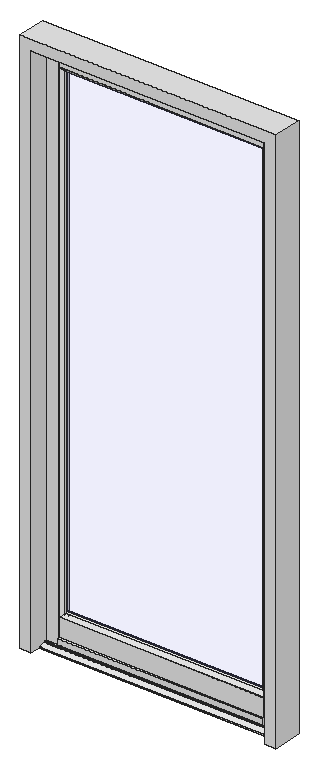
Revit family "kawneer-190-sgl-frt-01_17315", category Doors, host Wall, Revit 2015
Parameters (values of type "3' x 7' B.R. 3 7/8"")
  URL = "http://www.kawneer.com/kawneer/north_america/en/product.asp?cat_id=1339&prod_id=1816"
  Type Comments = "OFFSET PIVOT / BUTT HUNG"
  Thickness = 0' - 1 3/4"
  Rough Width = Width + 0' 4"  # 3' - 4"
  Rough Height = Height + 0' 2"  # 7' - 2"
  Product data url = "https://bimobject.com/kawneerna/product/16342"
  Operation = ""
  Model = "Single 190 Narrow Stile Door Front Set B.R. 3 7/8\""
  Manufacturer = "Kawneer"
  Height = 7' - 0"
  Wall Closure = By host
  Width = 3' - 0"
  Function = Interior
  Door Panel = Kawneer - Fluropon_Bone White-391X035
  Door Glazing = Glass
  Door Frame = Kawneer - Fluropon_Bone White-391X035
  Description = "The 190 Narrow Stile Entrance is enginResults in a slim look that meets virtually all construction requirements\r\neered for moderate traffic in applications such as stores, offices and apartment buildings. Vertical stile measures 2-1/8\" (54); top rail 2-1/4\" (57.2) and bottom rail 3-7/8\" (98.4).  "
  Bottom Rail Height = 0' - 3 7/8"
  Assembly Code = "B2030110"
Types (2): name | Operation | Model | Bottom Rail Height
  3' x 7' B.R. 3 7/8" | "" | "Single 190 Narrow Stile Door Front Set B.R. 3 7/8\"" | 0' - 3 7/8"
  3' x 7' B.R. 7 1/2" | " " | "Single 190 Narrow Stile Door Front Set B.R. 7 1/2\"" | 0' - 7 1/2"
Reference planes (in)
  plane 1: y = 0
  plane 2 "Center": x = 0
  plane 3 "Left": x = -18
  plane 4 "Right": x = 18
  plane 5 "Top": z = 84
  plane 6 "Glass center": y = 0.125
  plane 7: z = 4.5625
  plane 8: z = 0.6875
  plane 9: y = 2.15625
Forms (in)
  Sweep 1, solid, material "Kawneer - Fluropon_Bone White-391X035" <- "Door Frame"
    path origin (-60, 3, 0) x (-1, 0, 0) y (0, 0, 1)
      loop
        line (-78, 0) -> (-78, 84) -> (-42, 84) -> (-42, 0)
    profile origin (0, 0, 42) x (1, 0, 0) y (0, 1, 0)
      loop
        line (20, 2.25) -> (18.25, 2.25) -> (18.25, -2.25) -> (20, -2.25) -> (20, 2.25)
  Extrusion 2, solid, material "Glass" <- "Door Glazing"
    sketch origin (0, 0.125, 0) x (1, 0, 0) y (0, 0, 1)
      loop
        line (16, 4.75) -> (16, 81.4375) -> (-15.84375, 81.4375) -> (-15.84375, 4.75) -> (16, 4.75)
    from -1.28125 to -1.03125
  Extrusion 3, solid, material "Kawneer - Fluropon_Bone White-391X035" <- "Door Panel"
    sketch origin (0, -0.21875, 0) x (1, 0, 0) y (0, 1, 0)
      loop
        line (18.15625, 2.375) -> (16.03125, 2.375) -> (16.03125, 2.31012) -> (15.50125, 1.8705) -> (15.50125, 1.77617) -> (15.36756, 1.625) -> (16, 1.625) -> (16, 1.375) -> (15.3687, 1.375) -> (15.50125, 1.22377) -> (15.50125, 1.1295) -> (16.03125, 0.75) -> (16.03125, 0.625) -> (17.87752, 0.625)
        arc (17.87752, 0.625) -> (18.01034, 0.68002) -> (18.06535, 0.81283) r 0.18783
        line (18.06535, 0.81283) -> (18.15625, 2.375)
    from 0.6875 to 84
  Extrusion 4, solid, material "Kawneer - Fluropon_Bone White-391X035" <- "Door Panel"
    sketch origin (0, -0.21875, 0) x (-1, 0, 0) y (0, -1, 0)
      loop
        line (18.15625, -2.375) -> (18.06535, -0.81283)
        arc (18.06535, -0.81283) -> (18.01034, -0.68002) -> (17.87752, -0.625) r 0.18783
        line (17.87752, -0.625) -> (16.03125, -0.625) -> (16.03125, -0.68988) -> (15.50125, -1.1295) -> (15.50125, -1.22377) -> (15.3687, -1.375) -> (15.84375, -1.375) -> (15.84375, -1.625) -> (15.36756, -1.625) -> (15.50125, -1.77617) -> (15.50125, -1.8705) -> (16.03125, -2.31012) -> (16.03125, -2.375) -> (18.15625, -2.375)
    from 0.6875 to 84
  Extrusion 5, solid, material "Kawneer - Fluropon_Bone White-391X035" <- "Door Panel"
    sketch origin (0, 1.15625, 0) x (0, 1, 0) y (0, 0, 1)
      loop
        line (-0.75, 84) -> (-0.75, 81.625) -> (-0.68484, 81.625) -> (-0.24521, 81.095) -> (-0.15138, 81.095) -> (0, 80.96232) -> (0, 81.4375) -> (0.24999, 81.4375) -> (0.24999, 80.94982) -> (0.40117, 81.095) -> (0.49715, 81.095) -> (0.93677, 81.625) -> (1, 81.625) -> (1, 84) -> (0.888, 84) -> (0.888, 83.25) -> (-0.612, 83.25) -> (-0.612, 84) -> (-0.75, 84)
    from -16.03125 to 16.03125
  Extrusion 6, solid, material "Kawneer - Fluropon_Bone White-391X035" <- "Door Panel"
    sketch origin (0, -0.34375, 0.15278) x (0, 1, 0) y (0, 0, 1)
      loop
        line (2.5, 0.53472) -> (2.5, 4.40972) -> (2.43512, 4.40972) -> (2.0085, 4.94203) -> (1.94736, 4.94203)
        arc (1.94736, 4.94203) -> (1.82437, 5.0178) -> (1.75, 5.14163) r 0.30526
        line (1.75, 5.14163) -> (1.75, 4.59722) -> (1.5, 4.59722) -> (1.5, 5.14163)
        arc (1.5, 5.14163) -> (1.42562, 5.0178) -> (1.30264, 4.94203) r 0.30526
        line (1.30264, 4.94203) -> (1.2675, 4.94203) -> (0.82596, 4.40972) -> (0.75, 4.40972) -> (0.75, 1.5921) -> (0.51155, 1.52781) -> (0.51155, 0.64322) -> (0.59155, 0.64322) -> (0.71055, 0.41022)
        arc (0.71055, 0.41022) -> (0.74752, 0.3939) -> (0.76384, 0.43087) r 0.02858
        line (0.76384, 0.43087) -> (0.68155, 0.64322) -> (0.75, 0.64322) -> (0.75, 0.53472) -> (0.888, 0.53472) -> (0.888, 1.25347) -> (2.388, 1.25347) -> (2.388, 0.53472) -> (2.5, 0.53472)
      loop
        line (0.901, 1.37847) -> (2.375, 1.37847) -> (2.375, 3.91072)
        arc (2.375, 3.91072) -> (2.25594, 3.92859) -> (2.201, 4.03572) r 0.1319
        line (2.201, 4.03572) -> (2.201, 4.22222) -> (1.075, 4.22222) -> (1.075, 4.03572)
        arc (1.075, 4.03572) -> (1.02006, 3.92859) -> (0.901, 3.91072) r 0.1319
        line (0.901, 3.91072) -> (0.901, 1.37847)
    from -16.03125 to 16.03125
  Extrusion 7, solid, material "Kawneer - Fluropon_Bone White-391X035" <- "Door Frame"
    sketch origin (0, -0.34375, 0) x (0, 1, 0) y (0, 0, 1)
      loop
        line (2.40824, 0.342) -> (2.82032, 0.342) -> (3.31016, 0.1166)
        arc (3.31016, 0.1166) -> (3.33645, 0.09372) -> (3.34624, 0.06027) r 0.062
        line (3.34624, 0.06027) -> (3.34624, 0) -> (3.62824, 0) -> (3.62824, 0.10205)
        arc (3.62824, 0.10205) -> (3.62318, 0.11931) -> (3.60962, 0.13112) r 0.032
        line (3.60962, 0.13112) -> (2.80798, 0.5) -> (2.67111, 0.5)
        arc (2.67111, 0.5) -> (2.63911, 0.468) -> (2.60711, 0.5) r 0.032
        line (2.60711, 0.5) -> (2.45311, 0.5)
        arc (2.45311, 0.5) -> (2.42111, 0.468) -> (2.38911, 0.5) r 0.032
        line (2.38911, 0.5) -> (2.25324, 0.5) -> (2.25324, 0.45) -> (1.00324, 0.45) -> (1.00324, 0.5) -> (0.86737, 0.5)
        arc (0.86737, 0.5) -> (0.83537, 0.468) -> (0.80337, 0.5) r 0.032
        line (0.80337, 0.5) -> (0.64937, 0.5)
        arc (0.64937, 0.5) -> (0.61737, 0.468) -> (0.58537, 0.5) r 0.032
        line (0.58537, 0.5) -> (0.4485, 0.5) -> (-0.35314, 0.13112)
        arc (-0.35314, 0.13112) -> (-0.36671, 0.11931) -> (-0.37176, 0.10205) r 0.032
        line (-0.37176, 0.10205) -> (-0.37176, 0) -> (-0.08976, 0) -> (-0.08976, 0.06027)
        arc (-0.08976, 0.06027) -> (-0.07997, 0.09372) -> (-0.05368, 0.1166) r 0.062
        line (-0.05368, 0.1166) -> (0.43616, 0.342) -> (0.84724, 0.342) -> (0.84724, 0.28492) -> (2.40824, 0.28492) -> (2.40824, 0.342)
    from -18.25 to 18.25
Lines and regions (in)
  Opening 1
    outline origin (-90, -3, 0) x (1, 0, 0) y (0, 0, 1)
      loop
        line (70, 0) -> (110, 0) -> (110, 86) -> (70, 86) -> (70, 0)
  symbolic lines, style "Elevation Swing"
    curve 1: line (18, 3, 0) -> (-18, 3, 42)
    curve 2: line (-18, 3, 42) -> (18, 3, 84)
  symbolic lines
    curve 3: line (-18, 2.15625, 0) -> (-16.25, 2.15625, 0)
    curve 4: line (-18, 38.15625, 0) -> (-18, 2.15625, 0)
    curve 5: line (-16.25, 38.15625, 0) -> (-18, 38.15625, 0)
    curve 6: line (-16.25, 2.15625, 0) -> (-16.25, 38.15625, 0)
    curve 7: arc (-18, 38.15625, 0) -> (7.0139, 27.79515, 0) -> (17.375, 2.78125, 0) r 35.375
Text (in)
  text "Exterior" at (-58.67754, 27.31104, 0), in view "Floor Line"
  text "Interior" at (-58.34764, -25.14366, 0), in view "Floor Line"
  text "Exterior" at (0, 40.15149, 123.01588), in view "Right"
  text "Interior" at (0, -64.39139, 123.01588), in view "Right"
  text "Interior" at (0, -31.01599, 123.00693), in view "Left"
  text "Exterior" at (0, 54.57065, 123.00693), in view "Left"
Dimensions and locks (in)
  equal spacing: plane 3 "Left", plane 2 "Center", plane 4 "Right"
  "Height": level to plane 5 "Top"
  "Width": plane 3 "Left" to plane 4 "Right"
  equal spacing: host wall, curve 2, plane 5 "Top"
  locked: plane 4 "Right" to Opening 1 sketch curve at 2
  locked: Opening 1 sketch curve to plane 3 "Left" at 2
  locked: plane 5 "Top" to Opening 1 sketch curve at 2
  locked: Sweep 1 sketch curve to Sweep 1 sketch curve at 4.5
  locked: profile plane to Sweep 1 sketch curve at 2
  "Width": curve 5 to plane 9
  "Thickness": plane 3 "Left" to curve 6
  locked: Extrusion 6 to plane 4 "Right" at 1.96875
  locked: plane 3 "Left" to Extrusion 6 at 1.96875
  locked: Sweep 1 to Sweep 1 at 1.75  (x2)
  locked: Extrusion 5 sketch curve to plane 5 "Top" at 2.375
  locked: plane 8 to level at 0.6875
  "Bottom Rail Height": plane 7 to plane 8
  locked: Extrusion 5 sketch curve to Extrusion 5 sketch curve at 1.75
  Extrusion 5 to host wall = 0' - 0 27/32"
  equal spacing: Sweep 1 sketch curve, host wall, Sweep 1 sketch curve
  Extrusion 3 sketch curve to Extrusion 3 sketch curve to plane 4 "Right" = 0' - 0.66369", 0' - 1 31/32"
  plane 3 "Left" to Extrusion 4 sketch curve to Extrusion 4 sketch curve = 0' - 1 31/32", 0' - 0.66256"
  aligned and locked: Opening 1 sketch curve to level
  aligned and locked: plane 4 "Right" to curve 1
  aligned and locked: plane 3 "Left" to curve 1
  aligned and locked: plane 5 "Top" to curve 2
  aligned and locked: Extrusion 2 to Extrusion 4  (x3)
  aligned and locked: plane 4 "Right" to Sweep 1 sketch curve
  aligned and locked: Sweep 1 sketch curve to plane 3 "Left"
  aligned and locked: plane 5 "Top" to Sweep 1 sketch curve
  aligned and locked: Extrusion 5 sketch curve to Extrusion 5 sketch curve
  aligned and locked: plane 7 to Extrusion 6 sketch curve  (x2)
  aligned and locked: Extrusion 2 to Extrusion 6
  aligned and locked: Extrusion 5 to Extrusion 3
  aligned and locked: Extrusion 5 to Extrusion 4
  aligned and locked: Extrusion 5 to plane 5 "Top"  (x2)
  aligned and locked: Extrusion 6 to Extrusion 4
  aligned and locked: Extrusion 6 to Extrusion 3
  aligned and locked: Extrusion 4 sketch curve to Extrusion 4 sketch curve
  aligned and locked: Extrusion 3 sketch curve to Extrusion 3 sketch curve
  aligned and locked: Extrusion 3 to plane 5 "Top"
  aligned and locked: Extrusion 4 to plane 5 "Top"
Automatic sketch dimensions
  curve 3 to plane 3 "Left" = 0' - 0"
  plane 4 "Right" to curve 7 = 0' - 0 5/8"
  curve 1 to level = 0' - 0"
  curve 2 to plane 4 "Right" = 0' - 0"
  plane 6 "Glass center" to Extrusion 4 sketch curve = 0' - 1 9/32"
  Extrusion 4 sketch curve to Extrusion 4 sketch curve = 0' - 0.00113"
  plane 6 "Glass center" to Extrusion 4 sketch curve = 0' - 1.43242"
  Extrusion 4 sketch curve to Extrusion 4 sketch curve = 0' - 0.13369"
  plane 6 "Glass center" to Extrusion 4 sketch curve = 0' - 0.88002"
  Extrusion 4 sketch curve to Extrusion 4 sketch curve = 0' - 0.13256"
  Extrusion 4 sketch curve to Extrusion 4 sketch curve = 0' - 0.3425"
  plane 6 "Glass center" to Extrusion 4 sketch curve = 0' - 1.96637"
  host wall to Extrusion 4 sketch curve = 0' - 0.47113"
  plane 3 "Left" to Extrusion 4 sketch curve = 0' - 0.12248"
  Extrusion 4 sketch curve to plane 3 "Left" = 0' - 0.06535"
  Extrusion 4 sketch curve to plane 3 "Left" = 0' - 0 5/32"
  Extrusion 4 sketch curve to Extrusion 4 sketch curve = 0' - 0.06488"
  Extrusion 4 sketch curve to Extrusion 4 sketch curve = 0' - 0.09427"
  Extrusion 4 sketch curve to Extrusion 4 sketch curve = 0' - 0.15123"
  Extrusion 4 sketch curve to Extrusion 4 sketch curve = 0' - 0.09433"
  host wall to Extrusion 4 sketch curve = 0' - 0 27/32"
  Extrusion 2 sketch curve to plane 3 "Left" = 0' - 2 5/32"
  curve 3 to host wall = 0' - 0 27/32"
  plane 4 "Right" to Extrusion 2 sketch curve = 0' - 2"
  level to Extrusion 2 sketch curve = 0' - 4 3/4"
  plane 5 "Top" to Extrusion 2 sketch curve = 0' - 2 9/16"
  Extrusion 5 sketch curve to plane 6 "Glass center" = 0' - 1 9/32"
  Extrusion 5 sketch curve to plane 6 "Glass center" = 0' - 1 1/32"
  Extrusion 5 sketch curve to Extrusion 5 sketch curve = 0' - 0.15138"
  Extrusion 5 sketch curve to Extrusion 5 sketch curve = 0' - 0.09383"
  Extrusion 5 sketch curve to Extrusion 5 sketch curve = 0' - 0.43962"
  Extrusion 5 sketch curve to Extrusion 5 sketch curve = 0' - 0.138"
  Extrusion 5 sketch curve to plane 6 "Glass center" = 0' - 1.43242"
  Extrusion 5 sketch curve to Extrusion 5 sketch curve = 0' - 0.09598"
  Extrusion 5 sketch curve to plane 5 "Top" = 0' - 0"  (x2)
  Extrusion 5 sketch curve to plane 6 "Glass center" = 0' - 1.91925"
  Extrusion 5 sketch curve to plane 6 "Glass center" = 0' - 1.96802"
  Extrusion 5 sketch curve to Extrusion 5 sketch curve = 0' - 0.112"
  Extrusion 5 sketch curve to Extrusion 5 sketch curve = 0' - 0 3/4"
  Extrusion 5 sketch curve to Extrusion 5 sketch curve = 0' - 0 3/16"
  Extrusion 5 sketch curve to Extrusion 5 sketch curve = 0' - 0.3425"  (x2)
  Extrusion 5 sketch curve to Extrusion 5 sketch curve = 0' - 0.13269"
  Extrusion 5 sketch curve to Extrusion 5 sketch curve = 0' - 0.14518"
  Extrusion 7 sketch curve to level = 0' - 0"  (x2)
  level to Extrusion 7 sketch curve = 0' - 0.10205"  (x2)
  host wall to Extrusion 7 sketch curve = 0' - 0.71551"
  level to Extrusion 7 sketch curve = 0' - 0.13112"
  Extrusion 7 sketch curve to Extrusion 7 sketch curve = 0' - 0.01862"
  level to Extrusion 7 sketch curve = 0' - 0.06027"
  host wall to Extrusion 7 sketch curve = 0' - 0.43351"
  level to Extrusion 7 sketch curve = 0' - 0.1166"
  Extrusion 7 sketch curve to Extrusion 7 sketch curve = 0' - 0.03608"
  Extrusion 7 sketch curve to host wall = 0' - 0.09241"
  Extrusion 7 sketch curve to Extrusion 7 sketch curve = 0' - 0.01233"  (x2)
  Extrusion 7 sketch curve to Extrusion 7 sketch curve = 0' - 0.13687"  (x2)
  Extrusion 7 sketch curve to Extrusion 7 sketch curve = 0' - 0.032"  (x5)
  Extrusion 7 sketch curve to Extrusion 7 sketch curve = 0' - 0.154"  (x2)
  Extrusion 7 sketch curve to Extrusion 7 sketch curve = 0' - 0.01187"
  Extrusion 7 sketch curve to Extrusion 7 sketch curve = 0' - 0.13587"  (x2)
  Extrusion 7 sketch curve to plane 6 "Glass center" = 0' - 1.78449"
  Extrusion 7 sketch curve to Extrusion 7 sketch curve = 0' - 0.01913"
  Extrusion 7 sketch curve to host wall = 0' - 0.05951"
  Extrusion 7 sketch curve to Extrusion 7 sketch curve = 0' - 0.02592"
  Extrusion 7 sketch curve to Extrusion 7 sketch curve = 0' - 0.062"
  Extrusion 7 sketch curve to Extrusion 7 sketch curve = 0' - 0 1/4"
  Extrusion 7 sketch curve to Extrusion 7 sketch curve = 0' - 0.01338"
  Extrusion 7 sketch curve to Extrusion 7 sketch curve = 0' - 0.06027"
  level to Extrusion 7 sketch curve = 0' - 0.28492"
  level to Extrusion 7 sketch curve = 0' - 0.342"
  Extrusion 7 sketch curve to Extrusion 7 sketch curve = 0' - 0.05708"
  Extrusion 7 sketch curve to Extrusion 7 sketch curve = 0' - 0.108"
  Extrusion 7 sketch curve to Extrusion 7 sketch curve = 0' - 0.158"
  Extrusion 7 sketch curve to Extrusion 7 sketch curve = 0' - 0.05"
  Sweep 1 sketch curve to level = 0' - 0"  (x2)
  Extrusion 6 sketch curve to plane 6 "Glass center" = 0' - 1 9/32"
  Extrusion 6 sketch curve to plane 6 "Glass center" = 0' - 1 1/32"
  Extrusion 6 sketch curve to Extrusion 6 sketch curve = 0' - 0.19736"
  Extrusion 6 sketch curve to Extrusion 6 sketch curve = 0' - 0 9/256"
  Extrusion 6 sketch curve to Extrusion 6 sketch curve = 0' - 0.05894"
  Extrusion 6 sketch curve to plane 7 = 0' - 0 3/16"
  Extrusion 6 sketch curve to Extrusion 6 sketch curve = 0' - 0.425"
  Extrusion 6 sketch curve to Extrusion 6 sketch curve = 0' - 0.1319"  (x2)
  Extrusion 6 sketch curve to Extrusion 6 sketch curve = 0' - 0.0421"  (x2)
  Extrusion 6 sketch curve to Extrusion 6 sketch curve = 0' - 0.013"
  Extrusion 6 sketch curve to Extrusion 6 sketch curve = 0' - 0.24904"
  Extrusion 6 sketch curve to Extrusion 6 sketch curve = 0' - 0.12416"
  Extrusion 6 sketch curve to Extrusion 6 sketch curve = 0' - 0.01384"
  Extrusion 6 sketch curve to Extrusion 6 sketch curve = 0' - 0.07596"
  Extrusion 6 sketch curve to Extrusion 6 sketch curve = 0' - 0.02665"  (x2)
  Extrusion 6 sketch curve to Extrusion 6 sketch curve = 0' - 0.06845"
  Extrusion 6 sketch curve to Extrusion 6 sketch curve = 0' - 0.09"
  Extrusion 6 sketch curve to Extrusion 6 sketch curve = 0' - 0.23845"
  Extrusion 6 sketch curve to plane 6 "Glass center" = 0' - 1.47861"
  Extrusion 6 sketch curve to Extrusion 6 sketch curve = 0' - 0.06114"
  Extrusion 6 sketch curve to plane 6 "Glass center" = 0' - 1.57269"
  Extrusion 6 sketch curve to plane 6 "Glass center" = 0' - 1.73225"
  Extrusion 6 sketch curve to plane 6 "Glass center" = 0' - 1.91925"
  Extrusion 6 sketch curve to Extrusion 6 sketch curve = 0' - 0.23412"
  Extrusion 6 sketch curve to Extrusion 6 sketch curve = 0' - 0.06488"
  Extrusion 6 sketch curve to Extrusion 6 sketch curve = 0' - 0.1865"  (x2)
  level to Extrusion 6 sketch curve = 0' - 1.74489"
  Extrusion 6 sketch curve to Extrusion 6 sketch curve = 0' - 0.06429"
  Extrusion 6 sketch curve to Extrusion 6 sketch curve = 0' - 0.21364"
  Extrusion 6 sketch curve to Extrusion 6 sketch curve = 0' - 0 1/8"
  Extrusion 6 sketch curve to Extrusion 6 sketch curve = 0' - 0.61025"
  Extrusion 6 sketch curve to Extrusion 6 sketch curve = 0' - 0"  (x2)
  Extrusion 6 sketch curve to Extrusion 6 sketch curve = 0' - 0.1085"
  level to Extrusion 6 sketch curve = 0' - 0 11/16"
  Extrusion 6 sketch curve to Extrusion 6 sketch curve = 0' - 0.10384"
  Extrusion 6 sketch curve to Extrusion 6 sketch curve = 0' - 0.01033"
  plane 7 to Extrusion 6 sketch curve = 0' - 0 3/16"
  Extrusion 6 sketch curve to Extrusion 6 sketch curve = 0' - 0.34482"  (x2)
  Extrusion 6 sketch curve to Extrusion 6 sketch curve = 0' - 0.1996"
  Sweep 1 sketch curve to profile plane = 0' - 0 1/4"
  Extrusion 3 sketch curve to plane 6 "Glass center" = 0' - 1 9/32"
  Extrusion 3 sketch curve to plane 6 "Glass center" = 0' - 1 1/32"
  Extrusion 3 sketch curve to Extrusion 3 sketch curve = 0' - 0.00113"
  Extrusion 3 sketch curve to plane 6 "Glass center" = 0' - 0.78575"
  Extrusion 3 sketch curve to Extrusion 3 sketch curve = 0' - 0.13256"
  Extrusion 3 sketch curve to Extrusion 3 sketch curve = 0' - 0.13369"
  Extrusion 3 sketch curve to Extrusion 3 sketch curve = 0' - 0.49875"
  Extrusion 3 sketch curve to host wall = 0' - 0 17/32"
  plane 4 "Right" to Extrusion 3 sketch curve = 0' - 0.12248"
  Extrusion 3 sketch curve to plane 4 "Right" = 0' - 0.06535"
  Extrusion 3 sketch curve to plane 4 "Right" = 0' - 0 5/32"
  Extrusion 3 sketch curve to host wall = 0' - 0 13/32"
  Extrusion 3 sketch curve to Extrusion 3 sketch curve = 0' - 0.09427"
  Extrusion 3 sketch curve to plane 6 "Glass center" = 0' - 1.43242"
  Extrusion 3 sketch curve to Extrusion 3 sketch curve = 0' - 0.09433"
  Extrusion 3 sketch curve to plane 6 "Glass center" = 0' - 1.96637"
  Extrusion 3 sketch curve to Extrusion 3 sketch curve = 0' - 0.06488"
  Extrusion 5 sketch curve to Extrusion 5 sketch curve = 0' - 0"
